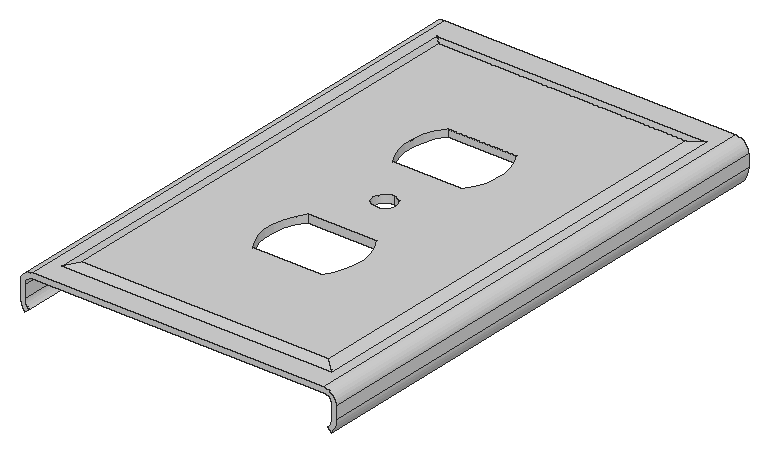
Revit family "Specialty_Equipment-Metal_Raceway-Hubbell_Wiring-Duplex_Receptacle_Cover-HBL3043BE", category Specialty Equipment, host Face, Revit 2015
Parameters (values of type "HBL3043BEGY")
  URL = "http://www.hubbell-wiring.com/"
  Product data url = "https://bimobject.com/hubbellwiring/product/hubbell-metal-raceway-hbl3000"
  Product Page URL = "http://ecatalog.hubbell-wiring.com/ProductInformation/ViewCatalog.aspx?Dest=hubbell-wiring.com/press/catalog/r.pdf"
  Product Documentation Link = "http://www.hubbellcatalog.com/hubbellpremise/datasheets/MRaceway18-25.pdf"
  Model = "HBL3043BE"  # constant formula
  Manufacturer = "Hubbell Wiring Device Kellems"  # constant formula
  Host Note = "Add in Section View; Host to Wall"  # constant formula
  Description = "Blank Cover Plate"  # constant formula
  Default Elevation = 48.00"
  Cable Tray Material = Hubbell-Metal-Gray
  B = 2.75"
  Assembly Code = "D5090900"
  A = 4.50"
Types (3): name | Cable Tray Material
  (no name) | Hubbell-Metal-Gray
  HBL3043BEIV | Hubbell-Metal-Ivory
  HBL3043BEGY | Hubbell-Metal-Gray
Reference planes (in)
  plane 1 "Center (Front/Back)": y = 0
  plane 2: z = 0
  plane 3 "Center (Left/Right)": x = 0
  plane 4: z = 1.47
  plane 5: y = 2.25
  plane 6: y = -2.25
  plane 7: x = -1.375
  plane 8: x = 1.375
  plane 9: y = 0.765
  plane 10: y = -0.765
  plane 11: z = 1.47836
  plane 12: z = 1.53
Forms (in)
  Extrusion 1, solid, material "Hubbell-Metal-Gray" <- "Cable Tray Material"
    sketch origin (0, 0, -5.0713) x (1, 0, 0) y (0, 0, 1)
      loop
        arc (-1.38844, 6.37039) -> (-1.37755, 6.31138) -> (-1.34633, 6.26014) r 0.16538
        line (-1.34633, 6.26014) -> (-1.31346, 6.28954)
        arc (-1.31346, 6.28954) -> (-1.33635, 6.32711) -> (-1.34434, 6.37039) r 0.12127
        line (-1.34434, 6.37039) -> (-1.34434, 6.48064)
        arc (-1.34434, 6.48064) -> (-1.32496, 6.52741) -> (-1.27819, 6.54679) r 0.06615
        line (-1.27819, 6.54679) -> (1.27069, 6.54679)
        arc (1.27069, 6.54679) -> (1.31746, 6.52741) -> (1.33684, 6.48064) r 0.06615
        line (1.33684, 6.48064) -> (1.33684, 6.37039)
        arc (1.33684, 6.37039) -> (1.32885, 6.32711) -> (1.30596, 6.28954) r 0.12127
        line (1.30596, 6.28954) -> (1.33883, 6.26014)
        arc (1.33883, 6.26014) -> (1.37005, 6.31138) -> (1.38094, 6.37039) r 0.16537
        line (1.38094, 6.37039) -> (1.38094, 6.48064)
        arc (1.38094, 6.48064) -> (1.34865, 6.5586) -> (1.27069, 6.59089) r 0.11025
        line (1.27069, 6.59089) -> (-1.27819, 6.59089)
        arc (-1.27819, 6.59089) -> (-1.35615, 6.5586) -> (-1.38844, 6.48064) r 0.11025
        line (-1.38844, 6.48064) -> (-1.38844, 6.37039)
    from -2.25 to 2.25
  Blend 2, solid, material "Hubbell-Metal-Gray" <- "Cable Tray Material"
    base sketch origin (-1.78194, -180, 1.47836) x (-1, 0, 0) y (0, -1, 0)
      loop
        line (-0.5935, -182.05) -> (-0.5935, -177.95) -> (-2.95694, -177.95) -> (-2.95694, -182.05) -> (-0.5935, -182.05)
    top sketch origin (-1.78194, -180, 1.47836) x (-1, 0, 0) y (0, -1, 0)
      loop
        line (-2.85694, -181.95) -> (-0.6935, -181.95) -> (-0.6935, -178.05) -> (-2.85694, -178.05) -> (-2.85694, -181.95)
    from 0.04122 to 0.06164
  Extrusion 3, void, detail levels medium+fine
    sketch origin (-1.78194, -180, 1.47836) x (0, -1, 0) y (-1, 0, 0)
      loop
        arc (-181.065, -2.08194) -> (-180.765, -2.18194) -> (-180.465, -2.08194) r 0.5
        line (-180.465, -2.08194) -> (-180.465, -1.48194)
        arc (-180.465, -1.48194) -> (-180.765, -1.38194) -> (-181.065, -1.48194) r 0.5
        line (-181.065, -1.48194) -> (-181.065, -2.08194)
      loop
        circle (-180, -1.78194) r 0.1
      loop
        line (-179.535, -1.48194) -> (-179.535, -2.08194)
        arc (-179.535, -2.08194) -> (-179.235, -2.18194) -> (-178.935, -2.08194) r 0.5
        line (-178.935, -2.08194) -> (-178.935, -1.48194)
        arc (-178.935, -1.48194) -> (-179.235, -1.38194) -> (-179.535, -1.48194) r 0.5
    from -0.06164 to 0.00836
Cuts and joins
  Extrusion 3 cuts Extrusion 1
  Extrusion 3 cuts Blend 2
  joined: Extrusion 1, Blend 2
Lines and regions (in)
  symbolic lines, style "Symbolic lines"
    curve 1: line (0, 2.25, 1.18883) -> (0, -2.25, 1.18883)
    curve 2: line (0, 2.25, 1.51958) -> (0, 2.25, 1.18883)
    curve 3: line (0, -2.25, 1.51958) -> (0, 2.25, 1.51958)
    curve 4: line (0, -2.25, 1.18883) -> (0, -2.25, 1.51958)
    curve 37: line (-1.38844, -2.25, 0) -> (1.375, -2.25, 0)
    curve 38: line (-1.38844, 2.25, 0) -> (-1.38844, -2.25, 0)
    curve 39: line (1.375, 2.25, 0) -> (-1.38844, 2.25, 0)
    curve 40: line (1.375, -2.25, 0) -> (1.375, 2.25, 0)
    curve 58: line (1.27069, 0, 1.51958) -> (-1.27819, 0, 1.51958)
    curve 59: arc (-1.27819, 0, 1.51958) -> (-1.35615, 0, 1.48729) -> (-1.38844, 0, 1.40933) r 0.11025
    curve 60: line (-1.38844, 0, 1.40933) -> (-1.38844, 0, 1.29908)
    curve 61: arc (-1.38844, 0, 1.29908) -> (-1.37755, 0, 1.24008) -> (-1.34633, 0, 1.18883) r 0.16538
    curve 62: line (-1.34633, 0, 1.18883) -> (-1.31346, 0, 1.21823)
    curve 63: arc (-1.31346, 0, 1.21823) -> (-1.33635, 0, 1.25581) -> (-1.34434, 0, 1.29908) r 0.12127
    curve 64: line (-1.34434, 0, 1.29908) -> (-1.34434, 0, 1.40933)
    curve 65: arc (-1.34434, 0, 1.40933) -> (-1.32496, 0, 1.45611) -> (-1.27819, 0, 1.47548) r 0.06615
    curve 66: line (-1.27819, 0, 1.47548) -> (1.27069, 0, 1.47548)
    curve 67: arc (1.27069, 0, 1.47548) -> (1.31746, 0, 1.45611) -> (1.33684, 0, 1.40933) r 0.06615
    curve 68: line (1.33684, 0, 1.40933) -> (1.33684, 0, 1.29908)
    curve 69: arc (1.33684, 0, 1.29908) -> (1.32885, 0, 1.25581) -> (1.30596, 0, 1.21823) r 0.12127
    curve 70: line (1.30596, 0, 1.21823) -> (1.33883, 0, 1.18883)
    curve 71: arc (1.33883, 0, 1.18883) -> (1.37005, 0, 1.24008) -> (1.38094, 0, 1.29908) r 0.16537
    curve 72: line (1.38094, 0, 1.29908) -> (1.38094, 0, 1.40933)
    curve 73: arc (1.38094, 0, 1.40933) -> (1.34865, 0, 1.48729) -> (1.27069, 0, 1.51958) r 0.11025
  reference lines
    curve 5: line (-1.34434, 0, 1.29908) -> (-1.34434, 0, 1.40933)
    curve 6: arc (-1.34434, 0, 1.40933) -> (-1.32496, 0, 1.45611) -> (-1.27819, 0, 1.47548) r 0.06615
    curve 7: line (-1.27819, 0, 1.47548) -> (1.27069, 0, 1.47548)
    curve 8: arc (1.27069, 0, 1.47548) -> (1.31746, 0, 1.45611) -> (1.33684, 0, 1.40933) r 0.06615
    curve 9: line (1.33684, 0, 1.40933) -> (1.33684, 0, 1.29908)
    curve 10: arc (1.33684, 0, 1.29908) -> (1.32885, 0, 1.25581) -> (1.30596, 0, 1.21823) r 0.12127
    curve 11: line (1.30596, 0, 1.21823) -> (1.33883, 0, 1.18883)
    curve 12: arc (1.33883, 0, 1.18883) -> (1.37005, 0, 1.24008) -> (1.38094, 0, 1.29908) r 0.16537
    curve 13: line (1.38094, 0, 1.29908) -> (1.38094, 0, 1.40933)
    curve 14: arc (1.38094, 0, 1.40933) -> (1.34865, 0, 1.48729) -> (1.27069, 0, 1.51958) r 0.11025
    curve 15: line (1.27069, 0, 1.51958) -> (-1.27819, 0, 1.51958)
    curve 16: arc (-1.27819, 0, 1.51958) -> (-1.35615, 0, 1.48729) -> (-1.38844, 0, 1.40933) r 0.11025
    curve 17: line (-1.38844, 0, 1.40933) -> (-1.38844, 0, 1.29908)
    curve 18: arc (-1.38844, 0, 1.29908) -> (-1.37755, 0, 1.24008) -> (-1.34633, 0, 1.18883) r 0.16538
    curve 19: line (-1.34633, 0, 1.18883) -> (-1.31346, 0, 1.21823)
    curve 20: arc (-1.31346, 0, 1.21823) -> (-1.33635, 0, 1.25581) -> (-1.34434, 0, 1.29908) r 0.12127
    curve 21: line (-1.34434, 0, 1.29908) -> (-1.34434, 0, 1.40933)
    curve 22: arc (-1.34434, 0, 1.40933) -> (-1.32496, 0, 1.45611) -> (-1.27819, 0, 1.47548) r 0.06615
    curve 23: line (-1.27819, 0, 1.47548) -> (1.27069, 0, 1.47548)
    curve 24: arc (1.27069, 0, 1.47548) -> (1.31746, 0, 1.45611) -> (1.33684, 0, 1.40933) r 0.06615
    curve 25: line (1.33684, 0, 1.40933) -> (1.33684, 0, 1.29908)
    curve 26: arc (1.33684, 0, 1.29908) -> (1.32885, 0, 1.25581) -> (1.30596, 0, 1.21823) r 0.12127
    curve 27: line (1.30596, 0, 1.21823) -> (1.33883, 0, 1.18883)
    curve 28: arc (1.33883, 0, 1.18883) -> (1.37005, 0, 1.24008) -> (1.38094, 0, 1.29908) r 0.16537
    curve 29: line (1.38094, 0, 1.29908) -> (1.38094, 0, 1.40933)
    curve 30: arc (1.38094, 0, 1.40933) -> (1.34865, 0, 1.48729) -> (1.27069, 0, 1.51958) r 0.11025
    curve 31: line (1.27069, 0, 1.51958) -> (-1.27819, 0, 1.51958)
    curve 32: arc (-1.27819, 0, 1.51958) -> (-1.35615, 0, 1.48729) -> (-1.38844, 0, 1.40933) r 0.11025
    curve 33: line (-1.38844, 0, 1.40933) -> (-1.38844, 0, 1.29908)
    curve 34: arc (-1.38844, 0, 1.29908) -> (-1.37755, 0, 1.24008) -> (-1.34633, 0, 1.18883) r 0.16538
    curve 35: line (-1.34633, 0, 1.18883) -> (-1.31346, 0, 1.21823)
    curve 36: arc (-1.31346, 0, 1.21823) -> (-1.33635, 0, 1.25581) -> (-1.34434, 0, 1.29908) r 0.12127
    curve 41: circle (0, 0, 1.47836) r 0.1 normal (0, 0, -1)
    curve 42: line (-0.3, 0.465, 1.47836) -> (0.3, 0.465, 1.47836)
    curve 43: line (0.3, 1.065, 1.47836) -> (-0.3, 1.065, 1.47836)
    curve 44: arc (0.3, 1.065, 1.47836) -> (0.4, 0.765, 1.47836) -> (0.3, 0.465, 1.47836) r 0.5
    curve 45: arc (-0.3, 1.065, 1.47836) -> (-0.4, 0.765, 1.47836) -> (-0.3, 0.465, 1.47836) r 0.5
    curve 46: line (-0.3, -0.465, 1.47836) -> (0.3, -0.465, 1.47836)
    curve 47: line (0.3, -1.065, 1.47836) -> (-0.3, -1.065, 1.47836)
    curve 48: arc (0.3, -1.065, 1.47836) -> (0.4, -0.765, 1.47836) -> (0.3, -0.465, 1.47836) r 0.5
    curve 49: arc (-0.3, -1.065, 1.47836) -> (-0.4, -0.765, 1.47836) -> (-0.3, -0.465, 1.47836) r 0.5
  symbolic lines, style "Symbolic lines", detail levels medium+fine
    curve 50: line (-0.3, 1.065, 1.47836) -> (0.3, 1.065, 1.47836)
    curve 51: arc (0.3, 1.065, 1.47836) -> (0.4, 0.765, 1.47836) -> (0.3, 0.465, 1.47836) r 0.5
    curve 52: line (0.3, 0.465, 1.47836) -> (-0.3, 0.465, 1.47836)
    curve 53: arc (-0.3, 0.465, 1.47836) -> (-0.4, 0.765, 1.47836) -> (-0.3, 1.065, 1.47836) r 0.5
    curve 54: arc (-0.3, -1.065, 1.47836) -> (-0.4, -0.765, 1.47836) -> (-0.3, -0.465, 1.47836) r 0.5
    curve 55: line (-0.3, -0.465, 1.47836) -> (0.3, -0.465, 1.47836)
    curve 56: arc (0.3, -0.465, 1.47836) -> (0.4, -0.765, 1.47836) -> (0.3, -1.065, 1.47836) r 0.5
    curve 57: line (0.3, -1.065, 1.47836) -> (-0.3, -1.065, 1.47836)
Dimensions and locks (in)
  equal spacing: plane 5, plane 1 "Center (Front/Back)", plane 6
  "A": plane 5 to plane 6
  "B": plane 7 to plane 8
  plane 9 to plane 1 "Center (Front/Back)" to plane 10 = 0.765", 0.765"
  plane 4 to host face = 1.47"
  equal spacing: plane 8, plane 3 "Center (Left/Right)", plane 7
  locked: cut or joined group of Extrusion 1, Blend 2, Extrusion 3 to Blend 2 sketch curve at 0.2
  locked: plane 6 to Blend 2 sketch curve at 0.2
  locked: curve 38 to Blend 2 sketch curve at 0.2
  curve 38 to Blend 2 sketch curve = 0.20"
  locked: var sketch to Blend 2 sketch curve at 0.1  (x3)
  locked: Blend 2 sketch curve to var sketch at 0.1
  equal spacing: curve 43, plane 9, curve 42
  curve 47 to curve 46 = 0.60"
  locked: plane 12 to plane 4 at 0.06
  aligned and locked: plane 2 to host face
  aligned and locked: level to host face
  aligned and locked: Extrusion 1 to plane 6
  aligned and locked: plane 5 to Extrusion 1
  aligned and locked: curve 2 to Extrusion 1
  aligned and locked: curve 4 to Extrusion 1
  aligned and locked: Extrusion 1 sketch curve to curve 34
  aligned and locked: Extrusion 1 sketch curve to curve 32
  aligned and locked: Extrusion 1 sketch curve to curve 30
  aligned and locked: Extrusion 1 sketch curve to curve 28
  aligned and locked: Extrusion 1 sketch curve to curve 27
  aligned and locked: Extrusion 1 sketch curve to curve 26
  aligned and locked: Extrusion 1 sketch curve to curve 24
  aligned and locked: Extrusion 1 sketch curve to curve 22
  aligned and locked: Extrusion 1 sketch curve to curve 36
  aligned and locked: Extrusion 1 sketch curve to curve 35
  aligned and locked: curve 1 to Extrusion 1
  aligned and locked: curve 37 to Extrusion 1
  aligned and locked: curve 38 to Extrusion 1
  aligned and locked: plane 5 to curve 39
  aligned and locked: curve 40 to plane 8
  aligned and locked: Extrusion 3 sketch curve to curve 43
  aligned and locked: Extrusion 3 sketch curve to curve 45
  aligned and locked: Extrusion 3 sketch curve to curve 42
  aligned and locked: Extrusion 3 sketch curve to curve 44
  aligned and locked: Extrusion 3 sketch curve to curve 41
  aligned and locked: Extrusion 3 sketch curve to curve 46
  aligned and locked: Extrusion 3 sketch curve to curve 48
  aligned and locked: Extrusion 3 sketch curve to curve 47
  aligned and locked: Extrusion 3 sketch curve to curve 49
  aligned and locked: curve 50 to cut or joined group of Extrusion 1, Blend 2, Extrusion 3
  aligned and locked: curve 51 to cut or joined group of Extrusion 1, Blend 2, Extrusion 3
  aligned and locked: curve 52 to cut or joined group of Extrusion 1, Blend 2, Extrusion 3
  aligned and locked: curve 53 to cut or joined group of Extrusion 1, Blend 2, Extrusion 3
  aligned and locked: curve 54 to cut or joined group of Extrusion 1, Blend 2, Extrusion 3
  aligned and locked: curve 55 to cut or joined group of Extrusion 1, Blend 2, Extrusion 3
  aligned and locked: curve 56 to cut or joined group of Extrusion 1, Blend 2, Extrusion 3
  aligned and locked: curve 57 to cut or joined group of Extrusion 1, Blend 2, Extrusion 3
  aligned and locked: curve 3 to cut or joined group of Extrusion 1, Blend 2, Extrusion 3
  aligned and locked: curve 59 to cut or joined group of Extrusion 1, Blend 2, Extrusion 3
  aligned and locked: curve 63 to cut or joined group of Extrusion 1, Blend 2, Extrusion 3
  aligned and locked: curve 65 to cut or joined group of Extrusion 1, Blend 2, Extrusion 3
  aligned and locked: curve 67 to cut or joined group of Extrusion 1, Blend 2, Extrusion 3
  aligned and locked: curve 69 to cut or joined group of Extrusion 1, Blend 2, Extrusion 3
  aligned and locked: curve 70 to cut or joined group of Extrusion 1, Blend 2, Extrusion 3
  aligned and locked: curve 71 to cut or joined group of Extrusion 1, Blend 2, Extrusion 3
  aligned and locked: curve 73 to cut or joined group of Extrusion 1, Blend 2, Extrusion 3
  aligned and locked: Blend 2 to Extrusion 1
  aligned and locked: Blend 2 to Extrusion 3
Automatic sketch dimensions
  host sketch curve to host sketch curve = 96.00"  (x2)
  curve 6 to curve 16 = 0.00"  (x2)
  curve 6 to curve 22 = 0.00"  (x2)
  curve 6 to curve 32 = 0.00"  (x2)
  curve 8 to curve 14 = 0.00"  (x2)
  curve 8 to curve 24 = 0.00"  (x2)
  curve 8 to curve 30 = 0.00"  (x2)
  curve 10 to curve 12 = 0.00"  (x2)
  curve 10 to curve 26 = 0.00"  (x2)
  curve 10 to curve 28 = 0.00"  (x2)
  curve 12 to curve 26 = 0.00"  (x2)
  curve 12 to curve 28 = 0.00"  (x2)
  curve 14 to curve 24 = 0.00"  (x2)
  curve 14 to curve 30 = 0.00"  (x2)
  curve 16 to curve 22 = 0.00"  (x2)
  curve 16 to curve 32 = 0.00"  (x2)
  curve 18 to curve 20 = 0.00"  (x2)
  curve 18 to curve 34 = 0.00"  (x2)
  curve 18 to curve 36 = 0.00"  (x2)
  curve 20 to curve 34 = 0.00"  (x2)
  curve 20 to curve 36 = 0.00"  (x2)
  curve 22 to curve 32 = 0.00"  (x2)
  curve 24 to curve 30 = 0.00"  (x2)
  curve 26 to curve 28 = 0.00"  (x2)
  curve 34 to curve 36 = 0.00"  (x2)
  curve 16 to plane 7 = 0.01344"
  plane 7 to curve 34 = 0.02867"
  plane 7 to curve 21 = 0.03066"
  curve 19 to curve 36 = 0.03287"
  plane 4 to curve 7 = 0.00548"
  curve 5 to curve 7 = 0.06615"
  curve 19 to curve 20 = 0.09039"
  plane 8 to curve 26 = 0.15944"
  curve 30 to plane 4 = 0.06067"
  plane 8 to curve 30 = 0.10431"
  plane 8 to curve 26 = 0.06904"
  plane 8 to curve 12 = 0.03617"
  curve 36 to curve 22 = 0.11025"
  curve 10 to curve 8 = 0.11025"
  plane 8 to Blend 2 sketch curve = 0.20"
  curve 49 to plane 10 = 0.00"
  curve 45 to plane 9 = 0.00"
  plane 1 "Center (Front/Back)" to curve 41 = 0.00"
  curve 41 to plane 3 "Center (Left/Right)" = 0.00"
  curve 44 to plane 9 = 0.00"
  curve 48 to plane 10 = 0.00"
  plane 3 "Center (Left/Right)" to curve 45 = 0.10"
  plane 3 "Center (Left/Right)" to curve 49 = 0.10"
  plane 3 "Center (Left/Right)" to curve 44 = 0.30"
  plane 3 "Center (Left/Right)" to curve 46 = 0.30"
  plane 3 "Center (Left/Right)" to curve 48 = 0.30"
  curve 44 to plane 3 "Center (Left/Right)" = 0.10"
  curve 48 to plane 3 "Center (Left/Right)" = 0.10"
  curve 47 to plane 3 "Center (Left/Right)" = 0.30"
  curve 45 to plane 3 "Center (Left/Right)" = 0.30"
  plane 9 to curve 45 = 0.30"
  plane 10 to curve 46 = 0.30"
  curve 61 to curve 63 = 0.00"  (x2)
  plane 7 to curve 62 = 0.02867"
  curve 61 to curve 62 = 0.03287"
  radius of curve 41 = 0.10"
